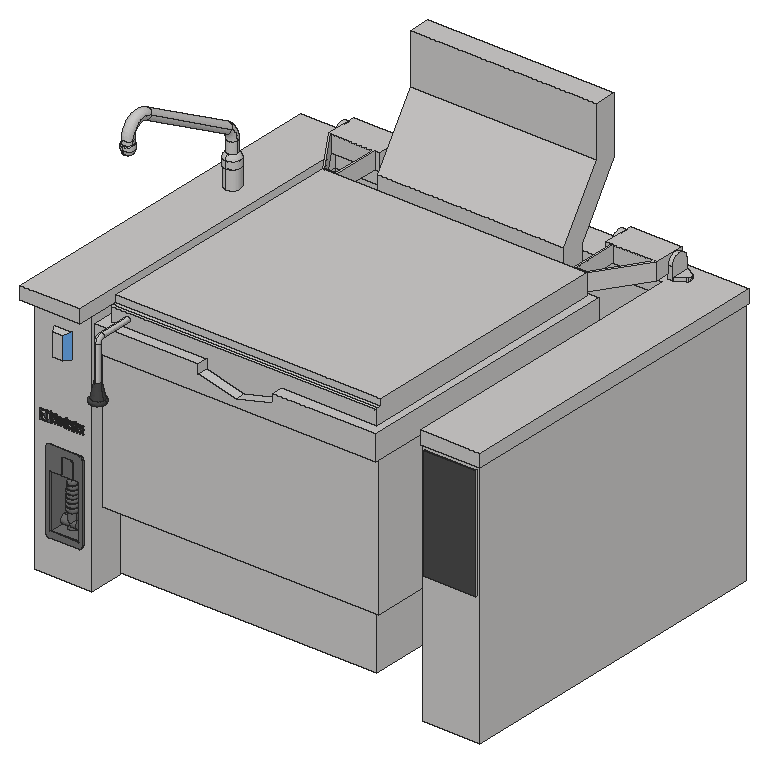
Revit family "QF_ELECTROLUXPROFESSIONAL_586931_PFET09GCCS", category Specialty Equipment, Revit 2018
Family settings
  Round Connector Dimension = Use Radius
  Part Type = Normal
  Work Plane-Based = No
  Always vertical = Yes
  Cut with Voids When Loaded = No
  Shared = Yes
  Room Calculation Point = No
Parameters (values of type "Standard")
  Weight = 240.00 kg
  Watts = 0 W
  Volts = 230 V
  URL Manufacturer = "http://professional.electrolux.com"
  URL = "http://professional.electrolux.com"
  Steam Supply Size = 0"
  Steam Supply Minimum Pressure = 0.00 psi
  Steam Supply Maximum Pressure = 0.00 psi
  Steam Pounds per Hour = 0
  Show Logo [instance] = yes
  Refrigeration Suction Line Size = 0"
  Refrigeration Liquid Line Size = 0"
  Refrigerant Compressor Remote = yes
  Plinth Base Finish [instance] = QF_Finishes_Concrete
  Plinth Base [instance] = not(Base Height = 500.00 mm)  # yes
  Phase = 1
  Model = "PFET09GCCS"
  Manufacturer = "Electrolux Professional"
  Length Actual = 1200.00 mm  # constant formula
  Item Number = "586931"
  Hot Water Size = 1/2"
  Height Actual = 700.00 mm  # constant formula
  HP = "0.3 HP"
  Gas Size = 1"
  Gas KW = 18
  Gas Input Pressure = 0.722756 Btu/h
  Direct Waste Size = 0"
  Description = "GAS TILTING BRAISING PAN,AUTO H/C WATER FILL INLET,SPRAY GUN, 90L,H700,COMPOUND,FS,D900,REAR CLS KIT,GUID.COOK.S"
  Depth Actual = 900.00 mm  # constant formula
  Cycle = 50 Hz
  Condensate Return Size = 0"
  Compressed Air Volume = 0 GPM
  Compressed Air Size = 0"
  Compressed Air Pressure = 0.00 psi
  Cold Water Size = 1/2"
  Bracket [instance] = Base Height = 500.00 mm  # no
  Body Finish [instance] = QF_Finishes_Stainless Steel
  Base Height = 200.00 mm
  Show Clearance [instance] = yes
  Assembly Code = ""
  Accessory = yes
Reference planes
  plane 1 "BACK": y = 0
  plane 2: z = 0
  plane 3 "LEFT": x = 0
  plane 4 "RIGHT": x = 1200
  plane 5 "FRONT": y = -900
  plane 6 "TOP": z = 900
  plane 7: z = 200
  plane 8 "Center": x = 600
  plane 9: y = -450
  plane 10: y = -971
  plane 11: z = 913.881
  plane 12: z = 1865
  plane 13: y = -1014
Forms (mm)
  Extrusion 1, solid, material "QF_Finishes_Stainless Steel" <- "Body Finish"
    sketch origin (0, 0, 900) x (-1, 0, 0) y (0, -1, 0)
      loop
        line (0, 0) -> (0, 941.7) -> (-160, 941.7) -> (-160, 86) -> (-1040, 86) -> (-1040, 900) -> (-1200, 900) -> (-1200, 0) -> (0, 0)
    from 0 to -35
  Extrusion 2, solid, material "QF_Finishes_Stainless Steel" <- "Body Finish"
    sketch origin (0, 0, 0) x (1, 0, 0) y (0, 0, 1)
      loop
        line (157, 865) -> (157, 500) -> (1043, 500) -> (1043, 865) -> (157, 865)
    from 3 to 83
  Extrusion 3, solid, material "QF_Finishes_Stainless Steel" <- "Body Finish"
    sketch origin (0, 0, 0) x (1, 0, 0) y (0, 0, 1)
      loop
        line (230, 454.5) -> (970, 454.5) -> (970, 833) -> (230, 833) -> (230, 454.5)
    from 230 to 951
  Extrusion 4, solid, material "QF_Finishes_Stainless Steel" <- "Body Finish"
    sketch origin (-975.299, -4572, 900) x (-1, 0, 0) y (0, -1, 0)
      loop
        line (-2015.299, -4466) -> (-2015.299, -4549.945) -> (-1878.359, -4549.945) -> (-1878.359, -4466) -> (-1893.192, -4466) -> (-1893.192, -4337) -> (-1929.845, -4337) -> (-2015.299, -4466)
      loop
        line (-1135.299, -4466) -> (-1220.753, -4337) -> (-1257.406, -4337) -> (-1257.406, -4466) -> (-1272.239, -4466) -> (-1272.239, -4549.945) -> (-1135.299, -4549.945) -> (-1135.299, -4466)
      loop
        line (-1253.406, -4466) -> (-1140.097, -4466) -> (-1222.901, -4341) -> (-1253.406, -4341) -> (-1253.406, -4466)
      loop
        line (-1897.192, -4466) -> (-1897.192, -4341) -> (-1927.696, -4341) -> (-2010.501, -4466) -> (-1897.192, -4466)
    from 11 to 56
  Sweep 5, solid, material "QF_Finishes_Stainless Steel" <- "Body Finish"
    path origin (287.976, -51, 0) x (0, 1, 0) y (0, 0, 1)
      loop
        line (-890.7, 920) -> (-978.7, 920)
        arc (-978.7, 920) -> (-987.27, 916.45) -> (-990.819, 907.881) r 12.119
        line (-990.819, 907.881) -> (-990.819, 813.956)
    profile origin (287.976, -985.7, 920) x (0, 0, -1) y (1, 0, 0)
      loop
        circle (0, 0) r 6.119
  Revolve 6, solid, material "QF_Finishes_Black"
    sketch origin (0, -1041.819, 0) x (1, 0, 0) y (0, 0, 1)
      loop
        line (287.976, 764.909) -> (304.041, 764.909)
        arc (304.041, 764.909) -> (309.041, 769.909) -> (304.041, 774.909) r 5
        line (304.041, 774.909) -> (296.452, 813.956) -> (287.976, 813.956) -> (287.976, 764.909)
      axis (287.976, 813.956) -> (287.976, 764.909)
    angle from 0 to 360
  Extrusion 7, void
    sketch origin (0, -820, 0) x (1, 0, 0) y (0, 0, 1)
      loop
        line (500.793, 900) -> (500.793, 876.744) -> (600.793, 851.202) -> (700.793, 876.744) -> (700.793, 900) -> (500.793, 900)
    from 121.7 to 151
  Extrusion 8, solid, material "QF_Finishes_Stainless Steel" <- "Body Finish"
    sketch origin (160, -101, 900) x (0, 1, 0) y (0, 0, -1)
      loop
        line (31, 0) -> (31, -32)
        arc (31, -32) -> (54.973, -55.973) -> (78.945, -32) r 23.973
        line (78.945, -32) -> (78.945, 0) -> (31, 0)
    from 0 to 12.9
  Extrusion 9, solid, material "QF_Finishes_Stainless Steel" <- "Body Finish"
    sketch origin (309.84, -101, 900) x (0, 1, 0) y (0, 0, -1)
      loop
        line (31, 0) -> (31, -32)
        arc (31, -32) -> (54.973, -55.973) -> (78.945, -32) r 23.973
        line (78.945, -32) -> (78.945, 0) -> (31, 0)
    from 0 to 12.9
  Extrusion 10, solid, material "QF_Finishes_Stainless Steel" <- "Body Finish"
    sketch origin (1205.04, -101, 900) x (0, 1, 0) y (0, 0, 1)
      loop
        line (31, 0) -> (78.945, 0) -> (78.945, 32)
        arc (78.945, 32) -> (54.973, 55.973) -> (31, 32) r 23.973
        line (31, 32) -> (31, 0)
    from -165.04 to -152.14
  Extrusion 11, solid, material "QF_Finishes_Stainless Steel" <- "Body Finish"
    sketch origin (1055.2, -101, 900) x (0, 1, 0) y (0, 0, 1)
      loop
        line (31, 0) -> (78.945, 0) -> (78.945, 32)
        arc (78.945, 32) -> (54.973, 55.973) -> (31, 32) r 23.973
        line (31, 32) -> (31, 0)
    from -165.04 to -152.14
  Extrusion 12, solid, material "QF_Finishes_Stainless Steel" <- "Body Finish"
    sketch origin (1043, -897, 0) x (1, 0, 0) y (0, 0, 1)
      loop
        line (7, 553.501) -> (147, 553.501) -> (147, 855) -> (7, 855) -> (7, 553.501)
    from 0 to 5
  Blend 13, solid, material "QF_Finishes_Stainless Steel" <- "Body Finish"
    base sketch origin (157, -897, 0) x (-1, 0, 0) y (0, 0, -1)
      loop
        line (100.5, -805.4) -> (100.5, -738.6) -> (53.5, -738.6) -> (53.5, -805.4) -> (100.5, -805.4)
    top sketch origin (157, -897, 0) x (-1, 0, 0) y (0, 0, -1)
      loop
        line (90.448, -802.617) -> (90.448, -741.383) -> (63.552, -741.383) -> (63.552, -802.617) -> (90.448, -802.617)
    from 0 to 20.065
  Extrusion 14, solid, material "QF_Finishes_Stainless Steel" <- "Body Finish"
    sketch origin (0, 0, 900) x (-1, 0, 0) y (0, -1, 0)
      loop
        line (-863.888, 36.346) -> (-860.354, 39.408) -> (-858.411, 43.662) -> (-858.411, 47.996) -> (-860.354, 52.592) -> (-863.888, 55.654) -> (-890.16, 70) -> (-890.16, 22) -> (-863.888, 36.346)
      loop
        line (-1079.172, 36.346) -> (-1052.9, 22) -> (-1052.9, 70) -> (-1079.172, 55.654) -> (-1082.706, 52.592) -> (-1084.649, 47.996) -> (-1084.649, 43.662) -> (-1082.706, 39.408) -> (-1079.172, 36.346)
      loop
        line (-336.112, 36.346) -> (-309.84, 22) -> (-309.84, 70) -> (-336.112, 55.654) -> (-339.646, 52.592) -> (-341.589, 47.996) -> (-341.589, 43.662) -> (-339.646, 39.408) -> (-336.112, 36.346)
      loop
        line (-120.828, 36.346) -> (-117.294, 39.408) -> (-115.351, 43.662) -> (-115.351, 47.996) -> (-117.294, 52.592) -> (-120.828, 55.654) -> (-147.1, 70) -> (-147.1, 22) -> (-120.828, 36.346)
    from 0 to 8
  Extrusion 15, solid, material "QF_Finishes_Stainless Steel" <- "Body Finish"
    sketch origin (0, 0, 0) x (0, 1, 0) y (0, 0, 1)
      loop
        line (-926.7, 957.5) -> (-926.7, 939.75) -> (-938.664, 939.75)
        arc (-938.664, 939.75) -> (-940.835, 938.566) -> (-941.7, 936.25) r 3.536
        line (-941.7, 936.25) -> (-941.7, 900) -> (-235, 900) -> (-235, 957.5) -> (-926.7, 957.5)
    from 245.454 to 955.493
  Revolve 16, solid, material "QF_Finishes_Stainless Steel" <- "Body Finish"
    sketch origin (-975.299, -4643, 730) x (-1, 0, 0) y (0, -1, 0)
      loop
        line (-1205.299, -4000) -> (-1138.736, -4000) -> (-1138.736, -4030) -> (-1132.299, -4030) -> (-1132.299, -3943) -> (-1205.299, -3943) -> (-1205.299, -4000)
      loop
        line (-1945.299, -4000) -> (-1945.299, -3943) -> (-2018.299, -3943) -> (-2018.299, -4030) -> (-2011.861, -4030) -> (-2011.861, -4000) -> (-1945.299, -4000)
      axis (-1132.299, -3943) -> (-2018.299, -3943)
    angle from 0 to 360
  Extrusion 17, solid, material "QF_Finishes_Stainless Steel" <- "Body Finish", visible <- "Bracket"
    sketch origin (0, 0, -400) x (0, 1, 0) y (0, 0, 1)
      loop
        line (0, 900) -> (-200, 900) -> (-200, 775) -> (-136.36, 711.36) -> (0, 711.36) -> (0, 900)
    from 25.741 to 134.773
  Extrusion 18, solid, material "QF_Finishes_Stainless Steel" <- "Body Finish", visible <- "Bracket"
    sketch origin (1040, 0, -400) x (0, 1, 0) y (0, 0, 1)
      loop
        line (0, 900) -> (-200, 900) -> (-200, 775) -> (-136.36, 711.36) -> (0, 711.36) -> (0, 900)
    from 25.741 to 134.773
  Extrusion 19, solid, material "QF_Finishes_Stainless Steel" <- "Body Finish"
    sketch origin (-975.299, -4572, 900) x (-1, 0, 0) y (0, -1, 0)
      loop
        line (-1199.802, -4347) -> (-1199.802, -3601) -> (-1953.192, -3601) -> (-1953.192, -4347) -> (-1199.802, -4347)
    from -67 to 0
  Extrusion 20, solid, material "QF_Finishes_Clearance", visible <- "Show Clearance", detail levels coarse
    sketch origin (337.94, -101, 900) x (0, 1, 0) y (0, 0, -1)
      loop
        line (-164.365, -965) -> (78.945, -56) -> (-862.055, -56)
        arc (-862.055, -56) -> (-667.525, -628.942) -> (-164.365, -965) r 941
    from -617.553 to 92.486
  Extrusion 21, solid, material "QF_Finishes_Clearance", visible <- "Show Clearance", detail levels coarse
    sketch origin (600, 0, 0) x (0, 1, 0) y (0, 0, 1)
      loop
        line (-951, 450.365) -> (-951, 833) -> (-971, 833) -> (-971, 900)
        arc (-971, 900) -> (-1022.101, 672.465) -> (-951, 450.365) r 444.593
    from -375.497 to 377.893
  Extrusion 22, solid, material "QF_Finishes_Stainless Steel"
    sketch origin (0, 0, 461.36) x (0, 0, 1) y (1, 0, 0)
      loop
        circle (-66.36, 106.204) r 6.35
      loop
        circle (-66.36, 46.204) r 6.35
      loop
        circle (-116.36, 76.112) r 12.7
    from 0 to 5
  Extrusion 23, solid, material "QF_Finishes_Stainless Steel"
    sketch origin (1040, 0, 386.36) x (0, 0, 1) y (1, 0, 0)
      loop
        circle (-66.36, 81.204) r 6.35
    from 0 to 5
  Extrusion 24, solid, material "QF_Finishes_Stainless Steel" <- "Body Finish"
    sketch origin (596.81, 0, 0) x (0, 1, 0) y (0, 0, 1)
      loop
        line (-180, 956) -> (-180, 598) -> (-225, 598) -> (-225, 540) -> (-122, 540) -> (-122, 938.268) -> (-12.644, 1100.395) -> (-12.644, 1254) -> (-70.644, 1254) -> (-70.644, 1118.127) -> (-180, 956)
    from -246.81 to 253.19
  Extrusion 25, solid, material "QF_Finishes_Stainless Steel" <- "Body Finish"
    sketch origin (0, 0, 29.5) x (1, 0, 0) y (0, 0, 1)
      loop
        line (256.991, 425) -> (256.991, 263.5) -> (944.406, 263.5) -> (944.406, 425) -> (256.991, 425)
    from 230 to 925
  Extrusion 26, solid, material "QF_Finishes_Stainless Steel" <- "Body Finish"
    sketch origin (0, -100, 0) x (1, 0, 0) y (0, 1, 0)
      loop
        line (157, 97) -> (3, 97) -> (3, -797) -> (157, -797) -> (157, 97)
      loop
        line (1197, 97) -> (1043, 97) -> (1043, -797) -> (1197, -797) -> (1197, 97)
    from 200 to 865
  Extrusion 27, solid, material "Navy Blue", visible <- "Show Logo"
    sketch origin (160, -897, 0) x (-1, 0, 0) y (0, 0, -1)
      loop
        line (101.332, -593.18) -> (109.793, -593.18) -> (109.793, -583.327)
        arc (109.793, -583.327) -> (108.679, -580.639) -> (105.991, -579.525) r 3.802
        line (105.991, -579.525) -> (101.168, -579.525) -> (101.168, -581.736) -> (105.441, -581.736)
        arc (105.441, -581.736) -> (106.845, -582.21) -> (107.442, -583.566) r 1.838
        line (107.442, -583.566) -> (107.442, -585.52) -> (101.698, -585.52) -> (101.698, -587.738) -> (107.442, -587.738) -> (107.442, -590.968) -> (101.332, -590.968) -> (101.332, -593.18)
      loop
        line (99.498, -593.18) -> (99.498, -579.525) -> (97.146, -579.525) -> (97.146, -593.18) -> (99.498, -593.18)
      loop
        line (48.417, -593.18) -> (48.417, -579.525) -> (46.064, -579.525) -> (46.064, -593.18) -> (48.417, -593.18)
      loop
        line (93.257, -583.886) -> (85.539, -583.886)
        arc (85.539, -583.886) -> (86.746, -588.126) -> (90.874, -589.672) r 4.89
        arc (90.874, -589.672) -> (94.51, -587.828) -> (95.548, -583.886) r 4.976
        arc (95.548, -583.886) -> (94.182, -580.589) -> (90.886, -579.224) r 4.662
        arc (90.886, -579.224) -> (88.32, -579.602) -> (86.169, -581.05) r 5.86
        line (86.169, -581.05) -> (87.562, -582.444)
        arc (87.562, -582.444) -> (89.391, -581.347) -> (91.516, -581.531) r 3.458
        arc (91.516, -581.531) -> (92.812, -582.394) -> (93.257, -583.886) r 2.29
      loop
        line (93.198, -585.539) -> (87.902, -585.539)
        arc (87.902, -585.539) -> (88.645, -587.103) -> (90.278, -587.679) r 2.256
        arc (90.278, -587.679) -> (92.162, -587.188) -> (93.198, -585.539) r 2.64
      loop
        line (76.371, -586.524) -> (74.894, -588)
        arc (74.894, -588) -> (76.746, -589.341) -> (78.997, -589.742) r 5.117
        arc (78.997, -589.742) -> (82.429, -588.487) -> (84.231, -585.308) r 5.293
        arc (84.231, -585.308) -> (81.194, -579.733) -> (74.977, -581.018) r 5.33
        line (74.977, -581.018) -> (76.446, -582.487)
        arc (76.446, -582.487) -> (79.616, -581.438) -> (81.887, -583.886) r 3.088
        arc (81.887, -583.886) -> (81.729, -585.821) -> (80.396, -587.234) r 2.933
        arc (80.396, -587.234) -> (78.264, -587.559) -> (76.371, -586.524) r 3.369
      loop
        line (73.45, -593.18) -> (73.45, -583.849)
        arc (73.45, -583.849) -> (73.246, -582.449) -> (72.722, -581.135) r 6.031
        arc (72.722, -581.135) -> (71.044, -579.8) -> (68.918, -579.519) r 4.018
        line (68.918, -579.519) -> (68.918, -581.723)
        arc (68.918, -581.723) -> (69.55, -581.771) -> (70.139, -582.005) r 2.118
        arc (70.139, -582.005) -> (70.895, -582.804) -> (71.098, -583.886) r 1.949
        line (71.098, -583.886) -> (71.098, -587.265) -> (68.962, -587.265) -> (68.962, -589.401) -> (71.098, -589.401) -> (71.098, -593.18) -> (73.45, -593.18)
      loop
        arc (64.65, -584.717) -> (64.482, -585.701) -> (63.997, -586.574) r 2.967
        arc (63.997, -586.574) -> (62.588, -587.297) -> (61.004, -587.265) r 3.231
        line (61.004, -587.265) -> (61.004, -589.525)
        arc (61.004, -589.525) -> (63.073, -589.33) -> (64.65, -587.977) r 3.432
        line (64.65, -587.977) -> (64.65, -589.401) -> (66.983, -589.401) -> (66.983, -579.525) -> (64.65, -579.525) -> (64.65, -584.717)
      loop
        circle (55.254, -584.461) r 5.233
      loop
        circle (55.254, -584.461) r 3.172
      loop
        arc (37.582, -583.638) -> (38.162, -582.041) -> (39.738, -581.405) r 2.088
        arc (39.738, -581.405) -> (41.313, -582.041) -> (41.894, -583.638) r 2.088
        line (41.894, -583.638) -> (41.894, -589.401) -> (44.266, -589.401) -> (44.266, -583.442)
        arc (44.266, -583.442) -> (42.916, -580.365) -> (39.738, -579.275) r 4.181
        arc (39.738, -579.275) -> (36.524, -580.398) -> (35.211, -583.539) r 4.181
        line (35.211, -583.539) -> (35.211, -589.401) -> (37.582, -589.401) -> (37.582, -583.638)
      loop
        line (33.789, -589.401) -> (30.374, -584.764) -> (34.126, -579.522) -> (31.598, -579.522) -> (29.107, -583.001) -> (26.58, -579.522) -> (24.068, -579.522) -> (27.767, -584.817) -> (24.385, -589.401) -> (26.952, -589.401) -> (29.115, -586.469) -> (31.245, -589.401) -> (33.789, -589.401)
      loop
        line (108.47, -573.865) -> (110.346, -573.865) -> (110.346, -569.143) -> (109.319, -569.143) -> (109.319, -570.769) -> (108.185, -570.769)
        arc (108.185, -570.769) -> (106.916, -572.447) -> (108.47, -573.865) r 1.561
      loop
        arc (108.23, -571.697) -> (107.841, -572.304) -> (108.23, -572.911) r 0.668
        line (108.23, -572.911) -> (109.319, -572.911) -> (109.319, -571.697) -> (108.23, -571.697)
      loop
        line (101.061, -573.865) -> (102.968, -573.865) -> (102.968, -569.143) -> (101.942, -569.143) -> (101.942, -570.769) -> (100.949, -570.769) -> (100.27, -569.143) -> (99.168, -569.143) -> (100.097, -571.134)
        arc (100.097, -571.134) -> (99.652, -571.665) -> (99.502, -572.343) r 1.458
        arc (99.502, -572.343) -> (99.971, -573.421) -> (101.061, -573.865) r 1.559
      loop
        line (101.942, -572.911) -> (101.942, -571.697) -> (100.852, -571.697)
        arc (100.852, -571.697) -> (100.464, -572.304) -> (100.852, -572.911) r 0.668
        line (100.852, -572.911) -> (101.942, -572.911)
      loop
        circle (93.139, -571.504) r 2.453
      loop
        circle (93.139, -571.504) r 1.557
      loop
        line (86.655, -573.865) -> (86.655, -569.143) -> (85.654, -569.143) -> (85.654, -570.793) -> (83.876, -570.793) -> (83.876, -571.851) -> (85.654, -571.851) -> (85.654, -572.847) -> (83.706, -572.847) -> (83.706, -573.865) -> (86.655, -573.865)
      loop
        line (79.724, -573.865) -> (79.724, -570.677)
        arc (79.724, -570.677) -> (79.288, -569.596) -> (78.213, -569.146) r 1.51
        line (78.213, -569.146) -> (76.689, -569.146) -> (76.689, -570.038) -> (78.122, -570.038)
        arc (78.122, -570.038) -> (78.65, -570.475) -> (78.753, -571.151) r 0.961
        line (78.753, -571.151) -> (76.866, -571.151) -> (76.866, -572.043) -> (78.753, -572.043) -> (78.753, -572.973) -> (76.735, -572.973) -> (76.735, -573.865) -> (79.724, -573.865)
      loop
        arc (62.624, -573.267) -> (63.249, -573.78) -> (64.041, -573.943) r 1.69
        arc (64.041, -573.943) -> (64.773, -573.764) -> (65.374, -573.31) r 1.872
        arc (65.374, -573.31) -> (65.486, -572.238) -> (64.794, -571.411) r 1.385
        arc (64.794, -571.411) -> (64.212, -571.217) -> (63.66, -570.95) r 4.78
        arc (63.66, -570.95) -> (63.312, -570.539) -> (63.552, -570.057) r 0.489
        arc (63.552, -570.057) -> (63.998, -569.952) -> (64.442, -570.065) r 0.963
        arc (64.442, -570.065) -> (64.826, -570.341) -> (65.061, -570.752) r 1.118
        line (65.061, -570.752) -> (65.887, -570.367)
        arc (65.887, -570.367) -> (65.589, -569.793) -> (65.11, -569.36) r 1.815
        arc (65.11, -569.36) -> (64.566, -569.127) -> (63.978, -569.068) r 1.957
        arc (63.978, -569.068) -> (63.25, -569.213) -> (62.595, -569.561) r 2.556
        arc (62.595, -569.561) -> (62.305, -570.331) -> (62.455, -571.139) r 1.535
        arc (62.455, -571.139) -> (62.778, -571.512) -> (63.19, -571.781) r 1.779
        arc (63.19, -571.781) -> (63.712, -572.014) -> (64.248, -572.215) r 9.371
        arc (64.248, -572.215) -> (64.557, -572.696) -> (64.11, -573.053) r 0.427
        arc (64.11, -573.053) -> (63.575, -572.924) -> (63.163, -572.558) r 1.135
        line (63.163, -572.558) -> (62.624, -573.267)
      loop
        line (58.291, -573.865) -> (58.291, -569.146) -> (57.321, -569.146) -> (57.321, -573.865) -> (58.291, -573.865)
      loop
        circle (50.779, -571.506) r 1.468
      loop
        circle (50.779, -571.506) r 2.451
      loop
        line (44.27, -569.146) -> (43.289, -569.146) -> (43.289, -572.113) -> (41.131, -569.146) -> (40.187, -569.146) -> (40.187, -573.865) -> (41.168, -573.865) -> (41.168, -570.808) -> (43.326, -573.865) -> (44.27, -573.865) -> (44.27, -569.146)
      loop
        line (35.295, -569.146) -> (34.836, -570.164) -> (33.09, -570.164) -> (32.631, -569.146) -> (31.588, -569.146) -> (33.581, -573.865) -> (34.491, -573.865) -> (36.337, -569.146) -> (35.295, -569.146)
      loop
        line (33.526, -571.132) -> (33.993, -572.169) -> (34.447, -571.132) -> (33.526, -571.132)
      loop
        line (26.769, -570.038) -> (26.769, -573.865) -> (27.739, -573.865) -> (27.739, -569.146) -> (24.954, -569.146) -> (24.954, -570.038) -> (26.769, -570.038)
      loop
        arc (69.698, -573.267) -> (70.324, -573.78) -> (71.116, -573.943) r 1.69
        arc (71.116, -573.943) -> (71.847, -573.764) -> (72.449, -573.31) r 1.872
        arc (72.449, -573.31) -> (72.56, -572.238) -> (71.868, -571.411) r 1.385
        arc (71.868, -571.411) -> (71.287, -571.217) -> (70.735, -570.95) r 4.78
        arc (70.735, -570.95) -> (70.386, -570.539) -> (70.627, -570.057) r 0.489
        arc (70.627, -570.057) -> (71.073, -569.952) -> (71.517, -570.065) r 0.963
        arc (71.517, -570.065) -> (71.901, -570.341) -> (72.136, -570.752) r 1.118
        line (72.136, -570.752) -> (72.961, -570.367)
        arc (72.961, -570.367) -> (72.664, -569.793) -> (72.184, -569.36) r 1.815
        arc (72.184, -569.36) -> (71.64, -569.127) -> (71.052, -569.068) r 1.957
        arc (71.052, -569.068) -> (70.325, -569.213) -> (69.669, -569.561) r 2.556
        arc (69.669, -569.561) -> (69.38, -570.331) -> (69.529, -571.139) r 1.535
        arc (69.529, -571.139) -> (69.852, -571.512) -> (70.265, -571.781) r 1.779
        arc (70.265, -571.781) -> (70.787, -572.014) -> (71.322, -572.215) r 9.371
        arc (71.322, -572.215) -> (71.632, -572.696) -> (71.185, -573.053) r 0.427
        arc (71.185, -573.053) -> (70.649, -572.924) -> (70.238, -572.558) r 1.135
        line (70.238, -572.558) -> (69.698, -573.267)
      loop
        line (124.467, -593.367) -> (124.467, -568.534)
        arc (124.467, -568.534) -> (115.287, -580.95) -> (124.467, -593.367) r 12.987
      loop
        arc (125.423, -593.446) -> (135.891, -591.227) -> (141.022, -581.837) r 12.809
        line (141.022, -581.837) -> (135.422, -581.837)
        arc (135.422, -581.837) -> (128.84, -585.012) -> (125.423, -591.472) r 11.707
        line (125.423, -591.472) -> (125.423, -593.446)
      loop
        arc (125.73, -570.332) -> (129.585, -577.251) -> (136.925, -580.23) r 11.93
        line (136.925, -580.23) -> (141.033, -580.23)
        arc (141.033, -580.23) -> (136.066, -570.804) -> (125.73, -568.215) r 13.06
        line (125.73, -568.215) -> (125.73, -570.332)
      loop
        line (141.976, -594.722) -> (141.976, -567.122) -> (114.339, -567.122) -> (114.339, -594.722) -> (141.976, -594.722)
    from 0 to 0.697
  Extrusion 28, void
    sketch origin (0, -900, 0) x (1, 0, 0) y (0, 0, 1)
      loop
        line (125.4, 500.944) -> (43.4, 500.944) -> (43.4, 305.944) -> (125.4, 305.944) -> (125.4, 500.944)
    from 0 to -63
Cuts and joins
  Extrusion 7 cuts Extrusion 19
  joined: Extrusion 3, Extrusion 15, Extrusion 19
  Extrusion 28 cuts Extrusion 26
Lines and regions (mm)
  Split face 1
    outline origin (1043, -902, 0) x (1, 0, 0) y (0, 0, 1)
      loop
        line (7.625, 638.501) -> (7.625, 554.126) -> (146.375, 554.126) -> (146.375, 638.501) -> (7.625, 638.501)
  Split face 2
    outline origin (1043, -902, 0) x (1, 0, 0) y (0, 0, 1)
      loop
        line (21.373, 638.501) -> (132.623, 638.501) -> (132.623, 843.501) -> (21.373, 843.501) -> (21.373, 638.501)
  symbolic lines
    curve 1: line (1200, 0, 900) -> (0, 0, 900)
    curve 2: line (1200, -900, 900) -> (1200, 0, 900)
    curve 3: line (1040, -900, 900) -> (1200, -900, 900)
    curve 4: line (1040, -106, 900) -> (1040, -900, 900)
    curve 5: line (0, 0, 900) -> (0, -900, 900)
    curve 6: line (160, -900, 900) -> (160, -106, 900)
    curve 7: line (0, -900, 900) -> (160, -900, 900)
    curve 8: line (296.94, -86, 900) -> (350, -86, 900)
    curve 9: line (224.503, -225, 900) -> (238.83, -225, 900)
    curve 10: line (977.893, -225, 900) -> (961.17, -225, 900)
    curve 11: line (977.893, -225, 900) -> (977.893, -971, 900)
    curve 12: line (224.503, -225, 900) -> (224.503, -971, 900)
    curve 13: line (1040, -572, 900) -> (977.893, -572, 900)
    curve 14: line (1040, -686, 900) -> (977.893, -686, 900)
    curve 15: line (160, -572, 900) -> (224.503, -572, 900)
    curve 16: line (160, -686, 900) -> (224.503, -686, 900)
    curve 24: line (282.107, -225, 900) -> (917.893, -225, 900)
    curve 25: line (243.628, -225, 900) -> (278.107, -225, 900)
    curve 26: line (921.893, -225, 900) -> (956.372, -225, 900)
    curve 27: arc (281.885, -1021.446, 900) -> (288.429, -1063.635, 900) -> (294.019, -1021.309, 900) r 21.565
    curve 28: line (850, -86, 900) -> (903.06, -86, 900)
  symbolic lines, style "QF-Clearances", visible <- "Show Clearance", detail levels coarse
    curve 17: line (350, -550, 900) -> (850, -550, 900)
    curve 18: line (350, -1801, 900) -> (350, -550, 900)
    curve 19: line (850, -1801, 900) -> (350, -1801, 900)
    curve 20: line (850, -550, 900) -> (850, -1801, 900)
    curve 21: line (350, -1201, 900) -> (550, -1801, 900)
    curve 22: line (850, -1201, 900) -> (650, -1801, 900)
    curve 23: circle (600, -1751, 900) r 25 normal (0, 0, 1)
Dimensions and locks
  plane 3 "LEFT" to plane 4 "RIGHT" = 1200.00 mm
  plane 4 "RIGHT" to plane 3 "LEFT" = 1200.00 mm
  plane 1 "BACK" to plane 5 "FRONT" = 900.00 mm
  plane 5 "FRONT" to plane 1 "BACK" = 900.00 mm
  plane 6 "TOP" to level = 900.00 mm
  "Base Height": plane 7 to level
  equal spacing: plane 5 "FRONT", plane 9, plane 1 "BACK"
  equal spacing: plane 3 "LEFT", plane 8 "Center", plane 4 "RIGHT"
  plane 10 to plane 1 "BACK" = 971.00 mm
  plane 6 "TOP" to Extrusion 3 sketch curve to Extrusion 3 sketch curve = 67.00 mm locked, 378.50 mm locked
  plane 6 "TOP" to Extrusion 12 sketch curve to Extrusion 12 sketch curve = 45.00 mm locked, 301.499 mm locked
  plane 6 "TOP" to Extrusion 17 sketch curve to Extrusion 17 sketch curve to Extrusion 17 sketch curve = 400.00 mm locked, 125.00 mm locked, 63.64 mm locked
  plane 6 "TOP" to Extrusion 18 sketch curve to Extrusion 18 sketch curve to Extrusion 18 sketch curve = 400.00 mm locked, 125.00 mm locked, 63.64 mm locked
  locked: cut or joined group of Extrusion 3, Extrusion 7, Extrusion 15, Extrusion 19 to plane 4 "RIGHT" at 244.507
  Extrusion 18 to Extrusion 18 to plane 4 "RIGHT" = 109.032 mm locked, 25.227 mm locked
  Extrusion 7 sketch curve to plane 8 "Center" to Extrusion 7 sketch curve = 100.793 mm locked, 99.207 mm locked
  plane 5 "FRONT" to Extrusion 15 sketch curve to Extrusion 15 sketch curve to Extrusion 15 sketch curve = 26.70 mm locked, 11.964 mm locked, 3.036 mm locked
  locked: Extrusion 19 sketch curve to plane 5 "FRONT" at 71
  cut or joined group of Extrusion 3, Extrusion 7, Extrusion 15, Extrusion 19 to cut or joined group of Extrusion 3, Extrusion 7, Extrusion 15, Extrusion 19 to cut or joined group of Extrusion 3, Extrusion 7, Extrusion 15, Extrusion 19 = 0.00 mm, 29.30 mm
  plane 5 "FRONT" to Sweep 5 sketch curve to Sweep 5 sketch curve to Sweep 5 sketch curve = 41.70 mm, 88.00 mm, 12.119 mm locked
  locked: plane 5 "FRONT" to Revolve 6 at 141.819
  plane 6 "TOP" to Extrusion 2 sketch curve to Extrusion 2 sketch curve = 35.00 mm locked, 365.00 mm locked
  plane 12 to plane 6 "TOP" = 965.00 mm
  locked: Extrusion 21 to plane 4 "RIGHT" at 222.107
  Extrusion 21 sketch curve to Extrusion 21 sketch curve to Extrusion 21 sketch curve to cut or joined group of Extrusion 3, Extrusion 7, Extrusion 15, Extrusion 19 = 51.54 mm locked, 20.00 mm locked, 9.30 mm locked
  Extrusion 21 sketch curve to Extrusion 21 sketch curve to Extrusion 21 sketch curve = 67.00 mm locked, 382.635 mm locked
  plane 1 "BACK" to plane 13 = 1014.00 mm
  plane 1 "BACK" to plane 10 = 971.00 mm
  Extrusion 22 sketch curve to Extrusion 22 sketch curve to plane 6 "TOP" = 50.00 mm locked, 505.00 mm locked
  plane 6 "TOP" to Extrusion 25 sketch curve to Extrusion 25 sketch curve = 445.50 mm locked, 161.50 mm locked
  aligned and locked: level to plane 2
  aligned: plane 6 "TOP" to Extrusion 1
  aligned and locked: plane 6 "TOP" to Extrusion 1
  aligned and locked: Revolve 16 to cut or joined group of Extrusion 3, Extrusion 7, Extrusion 15, Extrusion 19
  aligned and locked: cut or joined group of Extrusion 3, Extrusion 7, Extrusion 15, Extrusion 19 to Revolve 16
  aligned: plane 5 "FRONT" to cut or joined group of Extrusion 3, Extrusion 7, Extrusion 15, Extrusion 19
  aligned: cut or joined group of Extrusion 3, Extrusion 7, Extrusion 15, Extrusion 19 to Sweep 5 sketch curve
  aligned: cut or joined group of Extrusion 3, Extrusion 7, Extrusion 15, Extrusion 19 to plane 10
  aligned: Sweep 5 to cut or joined group of Extrusion 3, Extrusion 7, Extrusion 15, Extrusion 19
  aligned: Extrusion 19 to Extrusion 7
  aligned: Extrusion 2 to cut or joined group of Extrusion 3, Extrusion 7, Extrusion 15, Extrusion 19
  aligned and locked: Extrusion 20 to cut or joined group of Extrusion 3, Extrusion 7, Extrusion 15, Extrusion 19  (x2)
  aligned and locked: cut or joined group of Extrusion 3, Extrusion 7, Extrusion 15, Extrusion 19 to Extrusion 21
  aligned and locked: curve 12 to cut or joined group of Extrusion 3, Extrusion 7, Extrusion 15, Extrusion 19
  aligned and locked: Extrusion 1 to curve 6
Automatic sketch dimensions
  plane 1 "BACK" to Extrusion 1 sketch curve = 0.00 mm
  Extrusion 1 sketch curve to plane 4 "RIGHT" = 0.00 mm
  plane 5 "FRONT" to Extrusion 1 sketch curve = 0.00 mm
  Extrusion 1 sketch curve to plane 3 "LEFT" = 0.00 mm
  Extrusion 1 sketch curve to plane 4 "RIGHT" = 160.00 mm
  plane 3 "LEFT" to Extrusion 1 sketch curve = 160.00 mm
  plane 1 "BACK" to Extrusion 1 sketch curve = 86.00 mm
  plane 10 to Extrusion 1 sketch curve = 29.30 mm
  plane 3 "LEFT" to Extrusion 2 sketch curve = 157.00 mm
  Extrusion 2 sketch curve to plane 4 "RIGHT" = 157.00 mm
  plane 3 "LEFT" to Extrusion 3 sketch curve = 230.00 mm
  Extrusion 3 sketch curve to plane 4 "RIGHT" = 230.00 mm
  Extrusion 4 sketch curve to plane 4 "RIGHT" = 160.00 mm
  Extrusion 4 sketch curve to Extrusion 4 sketch curve = 4.798 mm  (x2)
  Extrusion 4 sketch curve to Extrusion 4 sketch curve = 80.656 mm
  Extrusion 4 sketch curve to Extrusion 4 sketch curve = 2.148 mm  (x2)
  Extrusion 4 sketch curve to Extrusion 4 sketch curve = 30.505 mm  (x2)
  Extrusion 4 sketch curve to Extrusion 4 sketch curve = 4.00 mm  (x4)
  Extrusion 4 sketch curve to Extrusion 4 sketch curve = 14.833 mm  (x2)
  plane 1 "BACK" to Extrusion 4 sketch curve = 22.055 mm  (x2)
  plane 3 "LEFT" to Extrusion 4 sketch curve = 296.94 mm
  Extrusion 4 sketch curve to Extrusion 4 sketch curve = 113.309 mm
  Extrusion 4 sketch curve to Extrusion 4 sketch curve = 83.945 mm  (x4)
  Extrusion 4 sketch curve to Extrusion 4 sketch curve = 0.00 mm  (x2)
  Extrusion 4 sketch curve to Extrusion 4 sketch curve = 125.00 mm  (x2)
  plane 6 "TOP" to Sweep 5 sketch curve = 7.881 mm
  Sweep 5 sketch curve to plane 6 "TOP" = 86.044 mm
  Sweep 5 sketch curve to profile plane = 0.00 mm  (x2)
  Revolve 6 sketch curve to plane 6 "TOP" = 135.091 mm
  plane 3 "LEFT" to Revolve 6 sketch curve = 287.976 mm
  Revolve 6 sketch curve to plane 6 "TOP" = 86.044 mm
  Revolve 6 sketch curve to Revolve 6 sketch curve = 8.475 mm
  Revolve 6 sketch curve to Revolve 6 sketch curve = 16.065 mm
  Revolve 6 sketch curve to Revolve 6 sketch curve = 5.00 mm
  Revolve 6 sketch curve to Revolve 6 sketch curve = 0.00 mm
  Revolve 6 sketch curve to Revolve 6 sketch curve = 19.523 mm
  Revolve 6 sketch curve to Revolve 6 sketch curve = 6.381 mm
  plane 8 "Center" to Extrusion 7 sketch curve = 0.793 mm
  Extrusion 7 sketch curve to plane 6 "TOP" = 48.798 mm
  Extrusion 7 sketch curve to plane 6 "TOP" = 23.256 mm  (x2)
  plane 6 "TOP" to Extrusion 7 sketch curve = 0.00 mm
  Extrusion 8 sketch curve to plane 6 "TOP" = 0.00 mm
  plane 1 "BACK" to Extrusion 8 sketch curve = 70.00 mm
  Extrusion 8 sketch curve to Extrusion 8 sketch curve = 23.973 mm
  plane 6 "TOP" to Extrusion 8 sketch curve = 32.00 mm
  Extrusion 9 sketch curve to plane 6 "TOP" = 0.00 mm
  plane 1 "BACK" to Extrusion 9 sketch curve = 70.00 mm
  Extrusion 9 sketch curve to Extrusion 9 sketch curve = 23.973 mm
  plane 6 "TOP" to Extrusion 9 sketch curve = 32.00 mm
  Extrusion 10 sketch curve to plane 6 "TOP" = 0.00 mm
  plane 1 "BACK" to Extrusion 10 sketch curve = 70.00 mm
  Extrusion 10 sketch curve to Extrusion 10 sketch curve = 23.973 mm
  Extrusion 10 sketch curve to Extrusion 10 sketch curve = 32.00 mm
  Extrusion 11 sketch curve to plane 6 "TOP" = 0.00 mm
  plane 1 "BACK" to Extrusion 11 sketch curve = 70.00 mm
  Extrusion 11 sketch curve to Extrusion 11 sketch curve = 23.973 mm
  Extrusion 11 sketch curve to Extrusion 11 sketch curve = 32.00 mm
  Extrusion 12 sketch curve to plane 4 "RIGHT" = 150.00 mm
  Extrusion 12 sketch curve to plane 4 "RIGHT" = 10.00 mm
  plane 3 "LEFT" to Blend 13 sketch curve = 103.50 mm
  Blend 13 sketch curve to Blend 13 sketch curve = 47.00 mm
  Blend 13 sketch curve to plane 6 "TOP" = 94.60 mm
  Blend 13 sketch curve to Blend 13 sketch curve = 66.80 mm
  plane 3 "LEFT" to Blend 13 sketch curve = 93.448 mm
  Blend 13 sketch curve to Blend 13 sketch curve = 26.896 mm
  Blend 13 sketch curve to plane 6 "TOP" = 97.383 mm
  Blend 13 sketch curve to Blend 13 sketch curve = 61.233 mm
  plane 1 "BACK" to Extrusion 14 sketch curve = 47.996 mm  (x2)
  Extrusion 14 sketch curve to plane 4 "RIGHT" = 115.351 mm
  plane 1 "BACK" to Extrusion 14 sketch curve = 52.592 mm  (x4)
  Extrusion 14 sketch curve to Extrusion 14 sketch curve = 1.943 mm  (x6)
  plane 1 "BACK" to Extrusion 14 sketch curve = 39.408 mm  (x4)
  plane 1 "BACK" to Extrusion 14 sketch curve = 55.654 mm  (x4)
  Extrusion 14 sketch curve to Extrusion 14 sketch curve = 3.534 mm  (x8)
  plane 1 "BACK" to Extrusion 14 sketch curve = 36.346 mm  (x4)
  Extrusion 14 sketch curve to Extrusion 14 sketch curve = 26.272 mm  (x4)
  plane 1 "BACK" to Extrusion 14 sketch curve = 70.00 mm
  Extrusion 14 sketch curve to Extrusion 14 sketch curve = 162.74 mm
  Extrusion 14 sketch curve to Extrusion 14 sketch curve = 0.00 mm  (x2)
  Extrusion 14 sketch curve to plane 8 "Center" = 258.411 mm
  plane 1 "BACK" to Extrusion 14 sketch curve = 22.00 mm  (x4)
  plane 3 "LEFT" to Extrusion 14 sketch curve = 147.10 mm
  plane 1 "BACK" to Extrusion 14 sketch curve = 43.662 mm
  Extrusion 14 sketch curve to Extrusion 14 sketch curve = 4.334 mm  (x4)
  Extrusion 14 sketch curve to Extrusion 14 sketch curve = 4.254 mm
  Extrusion 14 sketch curve to Extrusion 14 sketch curve = 14.346 mm  (x3)
  Extrusion 15 sketch curve to plane 6 "TOP" = 0.00 mm
  Extrusion 15 sketch curve to Extrusion 15 sketch curve = 3.536 mm
  plane 9 to Extrusion 15 sketch curve = 215.00 mm
  Extrusion 15 sketch curve to Extrusion 15 sketch curve = 36.25 mm
  Extrusion 15 sketch curve to Extrusion 15 sketch curve = 57.50 mm
  Revolve 16 sketch curve to plane 4 "RIGHT" = 157.00 mm
  Revolve 16 sketch curve to Revolve 16 sketch curve = 6.437 mm  (x2)
  Revolve 16 sketch curve to Revolve 16 sketch curve = 66.563 mm  (x2)
  plane 3 "LEFT" to Revolve 16 sketch curve = 230.00 mm
  Revolve 16 sketch curve to plane 9 = 163.00 mm  (x2)
  Revolve 16 sketch curve to Revolve 16 sketch curve = 30.00 mm  (x2)
  Revolve 16 sketch curve to Revolve 16 sketch curve = 57.00 mm  (x2)
  Revolve 16 sketch curve to Revolve 16 sketch curve = 5.497 mm  (x2)
  Revolve 16 sketch curve to Revolve 16 sketch curve = 0.00 mm
  Split face 1 sketch curve to Extrusion 12 = 0.625 mm  (x3)
  Split face 1 sketch curve to Split face 1 sketch curve = 84.375 mm
  Split face 2 sketch curve to Extrusion 12 = 14.373 mm
  Split face 2 sketch curve to Extrusion 12 = 14.377 mm
  Split face 2 sketch curve to Extrusion 12 = 85.00 mm
  Split face 2 sketch curve to Extrusion 12 = 11.499 mm
  Extrusion 17 sketch curve to plane 1 "BACK" = 0.00 mm
  plane 1 "BACK" to Extrusion 17 sketch curve = 136.36 mm
  Extrusion 17 sketch curve to Extrusion 17 sketch curve = 63.64 mm
  Extrusion 18 sketch curve to plane 1 "BACK" = 0.00 mm
  plane 1 "BACK" to Extrusion 18 sketch curve = 136.36 mm
  Extrusion 18 sketch curve to Extrusion 18 sketch curve = 63.64 mm
  Extrusion 19 sketch curve to plane 4 "RIGHT" = 222.107 mm
  plane 3 "LEFT" to Extrusion 19 sketch curve = 224.503 mm
  plane 1 "BACK" to Extrusion 19 sketch curve = 225.00 mm
  Extrusion 20 sketch curve to plane 12 = 0.00 mm
  plane 10 to Extrusion 20 sketch curve = 7.945 mm
  plane 9 to Extrusion 20 sketch curve = 184.635 mm
  plane 1 "BACK" to Extrusion 20 sketch curve = 22.055 mm
  Extrusion 20 sketch curve to Extrusion 20 sketch curve = 0.00 mm
  Extrusion 21 sketch curve to plane 6 "TOP" = 0.00 mm
  plane 1 "BACK" to curve 1 = 0.00 mm
  curve 1 to plane 4 "RIGHT" = 0.00 mm
  plane 5 "FRONT" to curve 4 = 0.00 mm
  curve 11 to plane 10 = 0.00 mm
  curve 5 to plane 3 "LEFT" = 0.00 mm
  plane 5 "FRONT" to curve 7 = 0.00 mm
  curve 12 to plane 10 = 0.00 mm
  curve 4 to plane 4 "RIGHT" = 160.00 mm
  curve 4 to curve 11 = 62.107 mm
  plane 13 to curve 27 = 28.071 mm
  curve 27 to curve 12 = 63.683 mm
  plane 1 "BACK" to curve 9 = 225.00 mm
  plane 1 "BACK" to curve 10 = 225.00 mm
  curve 10 to curve 10 = 16.723 mm
  curve 10 to curve 26 = 4.798 mm
  curve 26 to curve 26 = 34.479 mm
  curve 26 to curve 24 = 4.00 mm
  curve 4 to curve 28 = 136.94 mm
  curve 28 to curve 28 = 53.06 mm
  plane 1 "BACK" to curve 8 = 86.00 mm
  curve 8 to curve 9 = 125.497 mm
  curve 8 to curve 8 = 53.06 mm
  plane 13 to curve 27 = 7.309 mm
  curve 27 to curve 27 = 5.834 mm
  curve 24 to curve 9 = 57.604 mm
  plane 13 to curve 27 = 7.446 mm
  curve 24 to curve 25 = 4.00 mm
  curve 25 to curve 9 = 19.125 mm
  curve 25 to curve 9 = 4.798 mm
  plane 1 "BACK" to curve 28 = 86.00 mm
  plane 1 "BACK" to curve 6 = 106.00 mm
  plane 1 "BACK" to curve 4 = 106.00 mm
  curve 9 to curve 25 = 0.00 mm
  curve 24 to curve 10 = 0.00 mm
  curve 24 to curve 26 = 0.00 mm
  curve 15 to plane 9 = 122.00 mm
  curve 13 to plane 9 = 122.00 mm
  curve 13 to curve 14 = 114.00 mm
  curve 15 to curve 16 = 114.00 mm
  Extrusion 17 to Extrusion 22 sketch curve = 28.569 mm
  Extrusion 22 sketch curve to Extrusion 22 sketch curve = 50.00 mm
  Extrusion 17 to Extrusion 22 sketch curve = 50.37 mm
  Extrusion 17 to Extrusion 22 sketch curve = 20.463 mm
  Extrusion 18 to Extrusion 23 sketch curve = 8.64 mm
  Extrusion 18 to Extrusion 23 sketch curve = 53.569 mm
  curve 23 to plane 8 "Center" = 0.00 mm
  curve 20 to plane 9 = 100.00 mm
  plane 8 "Center" to curve 20 = 250.00 mm
  curve 18 to plane 8 "Center" = 250.00 mm
  plane 13 to curve 23 = 737.00 mm
  curve 23 to curve 18 = 50.00 mm
  plane 8 "Center" to curve 22 = 50.00 mm
  curve 21 to plane 8 "Center" = 50.00 mm
  plane 13 to curve 22 = 187.00 mm
  plane 13 to curve 21 = 187.00 mm
  plane 1 "BACK" to Extrusion 24 sketch curve = 225.00 mm
  Extrusion 24 sketch curve to Extrusion 24 sketch curve = 45.00 mm
  Extrusion 24 sketch curve to Extrusion 24 sketch curve = 58.00 mm  (x2)
  plane 1 "BACK" to Extrusion 24 sketch curve = 70.644 mm
  plane 1 "BACK" to Extrusion 24 sketch curve = 12.644 mm
  plane 7 to Extrusion 24 sketch curve = 340.00 mm
  plane 6 "TOP" to Extrusion 24 sketch curve = 38.268 mm
  plane 6 "TOP" to Extrusion 24 sketch curve = 56.00 mm
  Extrusion 24 sketch curve to Extrusion 24 sketch curve = 162.127 mm
  Extrusion 24 sketch curve to Extrusion 24 sketch curve = 17.732 mm
  Extrusion 24 sketch curve to Extrusion 24 sketch curve = 135.873 mm
  plane 3 "LEFT" to Extrusion 25 sketch curve = 256.991 mm
  Extrusion 25 sketch curve to plane 4 "RIGHT" = 255.594 mm
  plane 3 "LEFT" to Extrusion 26 sketch curve = 3.00 mm
  plane 1 "BACK" to Extrusion 26 sketch curve = 3.00 mm  (x2)
  Extrusion 26 sketch curve to Extrusion 26 sketch curve = 154.00 mm
  Extrusion 26 sketch curve to plane 4 "RIGHT" = 157.00 mm
  Extrusion 26 sketch curve to plane 4 "RIGHT" = 3.00 mm
  Extrusion 26 sketch curve to plane 5 "FRONT" = 3.00 mm  (x2)
  Extrusion 27 sketch curve to Extrusion 27 sketch curve = 0.00 mm  (x33)
  plane 3 "LEFT" to Extrusion 27 sketch curve = 135.932 mm
  Extrusion 27 sketch curve to Extrusion 27 sketch curve = 0.317 mm
  Extrusion 27 sketch curve to Extrusion 27 sketch curve = 0.886 mm
  Extrusion 27 sketch curve to Extrusion 27 sketch curve = 2.512 mm
  Extrusion 27 sketch curve to Extrusion 27 sketch curve = 1.815 mm
  Extrusion 27 sketch curve to Extrusion 27 sketch curve = 2.567 mm
  Extrusion 27 sketch curve to Extrusion 27 sketch curve = 0.97 mm  (x3)
  Extrusion 27 sketch curve to Extrusion 27 sketch curve = 0.815 mm  (x2)
  Extrusion 27 sketch curve to Extrusion 27 sketch curve = 1.341 mm
  Extrusion 27 sketch curve to Extrusion 27 sketch curve = 1.348 mm
  Extrusion 27 sketch curve to Extrusion 27 sketch curve = 1.259 mm
  Extrusion 27 sketch curve to Extrusion 27 sketch curve = 2.13 mm
  Extrusion 27 sketch curve to Extrusion 27 sketch curve = 3.849 mm
  Extrusion 27 sketch curve to Extrusion 27 sketch curve = 2.49 mm
  Extrusion 27 sketch curve to Extrusion 27 sketch curve = 1.043 mm
  Extrusion 27 sketch curve to Extrusion 27 sketch curve = 0.46 mm  (x2)
  Extrusion 27 sketch curve to Extrusion 27 sketch curve = 0.435 mm
  Extrusion 27 sketch curve to Extrusion 27 sketch curve = 0.055 mm  (x2)
  Extrusion 27 sketch curve to Extrusion 27 sketch curve = 2.544 mm
  Extrusion 27 sketch curve to Extrusion 27 sketch curve = 0.468 mm
  Extrusion 27 sketch curve to Extrusion 27 sketch curve = 2.528 mm
  Extrusion 27 sketch curve to Extrusion 27 sketch curve = 0.922 mm
  Extrusion 27 sketch curve to Extrusion 27 sketch curve = 0.91 mm
  Extrusion 27 sketch curve to Extrusion 27 sketch curve = 0.388 mm
  Extrusion 27 sketch curve to Extrusion 27 sketch curve = 1.422 mm
  Extrusion 27 sketch curve to Extrusion 27 sketch curve = 1.042 mm
  Extrusion 27 sketch curve to Extrusion 27 sketch curve = 2.371 mm
  Extrusion 27 sketch curve to Extrusion 27 sketch curve = 1.809 mm  (x2)
  Extrusion 27 sketch curve to Extrusion 27 sketch curve = 0.273 mm  (x2)
  Extrusion 27 sketch curve to Extrusion 27 sketch curve = 0.147 mm
  Extrusion 27 sketch curve to Extrusion 27 sketch curve = 5.696 mm
  Extrusion 27 sketch curve to Extrusion 27 sketch curve = 0.943 mm
  Extrusion 27 sketch curve to Extrusion 27 sketch curve = 0.037 mm  (x3)
  Extrusion 27 sketch curve to Extrusion 27 sketch curve = 2.122 mm
  Extrusion 27 sketch curve to Extrusion 27 sketch curve = 2.372 mm
  Extrusion 27 sketch curve to Extrusion 27 sketch curve = 0.944 mm
  Extrusion 27 sketch curve to Extrusion 27 sketch curve = 1.799 mm
  Extrusion 27 sketch curve to Extrusion 27 sketch curve = 2.353 mm
  Extrusion 27 sketch curve to Extrusion 27 sketch curve = 6.509 mm
  Extrusion 27 sketch curve to Extrusion 27 sketch curve = 6.836 mm
  Extrusion 27 sketch curve to Extrusion 27 sketch curve = 2.068 mm
  Extrusion 27 sketch curve to Extrusion 27 sketch curve = 5.751 mm
  Extrusion 27 sketch curve to Extrusion 27 sketch curve = 0.679 mm
  Extrusion 27 sketch curve to Extrusion 27 sketch curve = 0.728 mm
  Extrusion 27 sketch curve to Extrusion 27 sketch curve = 0.178 mm
  Extrusion 27 sketch curve to Extrusion 27 sketch curve = 4.332 mm
  Extrusion 27 sketch curve to Extrusion 27 sketch curve = 0.539 mm  (x2)
  Extrusion 27 sketch curve to Extrusion 27 sketch curve = 0.634 mm  (x2)
  Extrusion 27 sketch curve to Extrusion 27 sketch curve = 0.036 mm  (x2)
  Extrusion 27 sketch curve to Extrusion 27 sketch curve = 0.114 mm  (x2)
  Extrusion 27 sketch curve to Extrusion 27 sketch curve = 0.807 mm  (x2)
  Extrusion 27 sketch curve to Extrusion 27 sketch curve = 0.007 mm  (x2)
  Extrusion 27 sketch curve to Extrusion 27 sketch curve = 0.156 mm  (x2)
  Extrusion 27 sketch curve to Extrusion 27 sketch curve = 0.005 mm  (x2)
  Extrusion 27 sketch curve to Extrusion 27 sketch curve = 0.083 mm  (x2)
  Extrusion 27 sketch curve to Extrusion 27 sketch curve = 0.13 mm  (x3)
  Extrusion 27 sketch curve to Extrusion 27 sketch curve = 0.009 mm  (x2)
  Extrusion 27 sketch curve to Extrusion 27 sketch curve = 0.159 mm  (x2)
  Extrusion 27 sketch curve to Extrusion 27 sketch curve = 0.075 mm  (x2)
  Extrusion 27 sketch curve to Extrusion 27 sketch curve = 0.025 mm  (x2)
  Extrusion 27 sketch curve to Extrusion 27 sketch curve = 2.918 mm
  Extrusion 27 sketch curve to Extrusion 27 sketch curve = 2.789 mm
  Extrusion 27 sketch curve to Extrusion 27 sketch curve = 0.908 mm  (x2)
  Extrusion 27 sketch curve to Extrusion 27 sketch curve = 0.826 mm  (x2)
  Extrusion 27 sketch curve to Extrusion 27 sketch curve = 0.126 mm  (x2)
  Extrusion 27 sketch curve to Extrusion 27 sketch curve = 2.333 mm
  Extrusion 27 sketch curve to Extrusion 27 sketch curve = 1.257 mm  (x2)
  Extrusion 27 sketch curve to Extrusion 27 sketch curve = 2.771 mm
  Extrusion 27 sketch curve to Extrusion 27 sketch curve = 1.497 mm
  Extrusion 27 sketch curve to Extrusion 27 sketch curve = 1.979 mm
  Extrusion 27 sketch curve to Extrusion 27 sketch curve = 1.653 mm
  Extrusion 27 sketch curve to Extrusion 27 sketch curve = 0.085 mm
  Extrusion 27 sketch curve to Extrusion 27 sketch curve = 0.315 mm
  Extrusion 27 sketch curve to Extrusion 27 sketch curve = 3.811 mm
  Extrusion 27 sketch curve to Extrusion 27 sketch curve = 2.136 mm  (x2)
  Extrusion 27 sketch curve to Extrusion 27 sketch curve = 2.352 mm  (x2)
  Extrusion 27 sketch curve to Extrusion 27 sketch curve = 3.797 mm
  Extrusion 27 sketch curve to Extrusion 27 sketch curve = 1.528 mm
  Extrusion 27 sketch curve to Extrusion 27 sketch curve = 1.476 mm  (x2)
  Extrusion 27 sketch curve to Extrusion 27 sketch curve = 1.469 mm  (x2)
  Extrusion 27 sketch curve to Extrusion 27 sketch curve = 3.728 mm
  Extrusion 27 sketch curve to Extrusion 27 sketch curve = 0.046 mm
  Extrusion 27 sketch curve to Extrusion 27 sketch curve = 0.177 mm
  Extrusion 27 sketch curve to Extrusion 27 sketch curve = 0.947 mm
  Extrusion 27 sketch curve to Extrusion 27 sketch curve = 0.308 mm
  Extrusion 27 sketch curve to Extrusion 27 sketch curve = 0.091 mm
  Extrusion 27 sketch curve to Extrusion 27 sketch curve = 2.375 mm
  Extrusion 27 sketch curve to Extrusion 27 sketch curve = 0.94 mm
  Extrusion 27 sketch curve to Extrusion 27 sketch curve = 0.54 mm
  Extrusion 27 sketch curve to Extrusion 27 sketch curve = 0.102 mm
  Extrusion 27 sketch curve to Extrusion 27 sketch curve = 0.002 mm  (x4)
  Extrusion 27 sketch curve to Extrusion 27 sketch curve = 0.105 mm
  Extrusion 27 sketch curve to Extrusion 27 sketch curve = 0.097 mm
  Extrusion 27 sketch curve to Extrusion 27 sketch curve = 3.982 mm
  Extrusion 27 sketch curve to Extrusion 27 sketch curve = 0.17 mm
  Extrusion 27 sketch curve to Extrusion 27 sketch curve = 6.49 mm
  Extrusion 27 sketch curve to Extrusion 27 sketch curve = 1.777 mm
  Extrusion 27 sketch curve to Extrusion 27 sketch curve = 0.63 mm
  Extrusion 27 sketch curve to Extrusion 27 sketch curve = 1.001 mm
  Extrusion 27 sketch curve to Extrusion 27 sketch curve = 1.393 mm  (x2)
  Extrusion 27 sketch curve to Extrusion 27 sketch curve = 2.363 mm
  Extrusion 27 sketch curve to Extrusion 27 sketch curve = 2.253 mm
  Extrusion 27 sketch curve to Extrusion 27 sketch curve = 0.014 mm  (x3)
  Extrusion 27 sketch curve to Extrusion 27 sketch curve = 0.172 mm
  Extrusion 27 sketch curve to Extrusion 27 sketch curve = 0.096 mm
  Extrusion 27 sketch curve to Extrusion 27 sketch curve = 0.164 mm
  Extrusion 27 sketch curve to Extrusion 27 sketch curve = 0.298 mm
  Extrusion 27 sketch curve to Extrusion 27 sketch curve = 0.247 mm
  Extrusion 27 sketch curve to Extrusion 27 sketch curve = 0.084 mm
  Extrusion 27 sketch curve to Extrusion 27 sketch curve = 6.484 mm
  Extrusion 27 sketch curve to Extrusion 27 sketch curve = 2.596 mm
  Extrusion 27 sketch curve to Extrusion 27 sketch curve = 0.059 mm  (x2)
  Extrusion 27 sketch curve to Extrusion 27 sketch curve = 3.889 mm
  Extrusion 27 sketch curve to Extrusion 27 sketch curve = 6.029 mm
  Extrusion 27 sketch curve to Extrusion 27 sketch curve = 0.929 mm
  Extrusion 27 sketch curve to Extrusion 27 sketch curve = 1.102 mm
  Extrusion 27 sketch curve to Extrusion 27 sketch curve = 0.756 mm  (x2)
  Extrusion 27 sketch curve to Extrusion 27 sketch curve = 0.852 mm
  Extrusion 27 sketch curve to Extrusion 27 sketch curve = 0.108 mm
  Extrusion 27 sketch curve to Extrusion 27 sketch curve = 0.101 mm
  Extrusion 27 sketch curve to Extrusion 27 sketch curve = 0.072 mm
  Extrusion 27 sketch curve to Extrusion 27 sketch curve = 1.67 mm
  Extrusion 27 sketch curve to Extrusion 27 sketch curve = 1.834 mm
  Extrusion 27 sketch curve to Extrusion 27 sketch curve = 0.366 mm
  Extrusion 27 sketch curve to Extrusion 27 sketch curve = 0.993 mm
  Extrusion 27 sketch curve to Extrusion 27 sketch curve = 0.81 mm
  Extrusion 27 sketch curve to Extrusion 27 sketch curve = 1.026 mm  (x2)
  Extrusion 27 sketch curve to Extrusion 27 sketch curve = 4.272 mm
  Extrusion 27 sketch curve to Extrusion 27 sketch curve = 0.163 mm
  Extrusion 27 sketch curve to Extrusion 27 sketch curve = 0.551 mm
  Extrusion 27 sketch curve to Extrusion 27 sketch curve = 6.11 mm
  Extrusion 27 sketch curve to Extrusion 27 sketch curve = 1.451 mm
  Extrusion 27 sketch curve to Extrusion 27 sketch curve = 5.217 mm
  Extrusion 27 sketch curve to Extrusion 27 sketch curve = 0.045 mm  (x2)
  Extrusion 27 sketch curve to Extrusion 27 sketch curve = 0.241 mm
  Extrusion 27 sketch curve to Extrusion 27 sketch curve = 0.039 mm
  Extrusion 27 sketch curve to Extrusion 27 sketch curve = 1.134 mm
  Extrusion 27 sketch curve to Extrusion 27 sketch curve = 2.351 mm
  Extrusion 27 sketch curve to Extrusion 27 sketch curve = 3.993 mm
  Extrusion 27 sketch curve to Extrusion 27 sketch curve = 10.128 mm
  Extrusion 27 sketch curve to Extrusion 27 sketch curve = 0.956 mm
  Extrusion 27 sketch curve to Extrusion 27 sketch curve = 1.263 mm
  Extrusion 27 sketch curve to Extrusion 27 sketch curve = 2.577 mm
  Extrusion 27 sketch curve to Extrusion 27 sketch curve = 0.243 mm
  Extrusion 27 sketch curve to Extrusion 27 sketch curve = 0.031 mm
  Extrusion 27 sketch curve to Extrusion 27 sketch curve = 7.148 mm
  Extrusion 27 sketch curve to Extrusion 27 sketch curve = 1.502 mm
  Extrusion 27 sketch curve to Extrusion 27 sketch curve = 11.54 mm
  Extrusion 27 sketch curve to Extrusion 27 sketch curve = 11.758 mm
  Extrusion 27 sketch curve to Extrusion 27 sketch curve = 4.097 mm
  Extrusion 27 sketch curve to Extrusion 27 sketch curve = 0.011 mm
  Extrusion 27 sketch curve to Extrusion 27 sketch curve = 4.488 mm
  Extrusion 27 sketch curve to plane 6 "TOP" = 305.278 mm
  Extrusion 27 sketch curve to Extrusion 27 sketch curve = 1.276 mm
  Extrusion 27 sketch curve to Extrusion 27 sketch curve = 1.279 mm
  Extrusion 27 sketch curve to Extrusion 27 sketch curve = 0.08 mm
  Extrusion 27 sketch curve to Extrusion 27 sketch curve = 1.542 mm  (x3)
  Extrusion 27 sketch curve to Extrusion 27 sketch curve = 1.975 mm
  Extrusion 27 sketch curve to Extrusion 27 sketch curve = 2.212 mm
  Extrusion 27 sketch curve to Extrusion 27 sketch curve = 3.655 mm
  Extrusion 27 sketch curve to Extrusion 27 sketch curve = 3.779 mm
  Extrusion 27 sketch curve to Extrusion 27 sketch curve = 0.124 mm  (x2)
  Extrusion 27 sketch curve to Extrusion 27 sketch curve = 3.78 mm  (x2)
  Extrusion 27 sketch curve to Extrusion 27 sketch curve = 1.401 mm
  Extrusion 27 sketch curve to Extrusion 27 sketch curve = 1.424 mm
  Extrusion 27 sketch curve to Extrusion 27 sketch curve = 3.23 mm
  Extrusion 27 sketch curve to Extrusion 27 sketch curve = 2.137 mm
  Extrusion 27 sketch curve to Extrusion 27 sketch curve = 1.094 mm
  Extrusion 27 sketch curve to Extrusion 27 sketch curve = 2.932 mm
  Extrusion 27 sketch curve to Extrusion 27 sketch curve = 7.641 mm
  Extrusion 27 sketch curve to Extrusion 27 sketch curve = 2.218 mm
  Extrusion 27 sketch curve to Extrusion 27 sketch curve = 0.113 mm
  Extrusion 27 sketch curve to Extrusion 27 sketch curve = 0.36 mm
  Extrusion 27 sketch curve to Extrusion 27 sketch curve = 0.008 mm
  Extrusion 27 sketch curve to Extrusion 27 sketch curve = 1.652 mm
  Extrusion 27 sketch curve to Extrusion 27 sketch curve = 0.256 mm
  Extrusion 27 sketch curve to Extrusion 27 sketch curve = 1.705 mm
  Extrusion 27 sketch curve to Extrusion 27 sketch curve = 1.454 mm
  Extrusion 27 sketch curve to Extrusion 27 sketch curve = 0.095 mm
  Extrusion 27 sketch curve to Extrusion 27 sketch curve = 0.109 mm
  Extrusion 27 sketch curve to Extrusion 27 sketch curve = 1.893 mm
  Extrusion 27 sketch curve to Extrusion 27 sketch curve = 0.003 mm
  Extrusion 27 sketch curve to Extrusion 27 sketch curve = 2.803 mm
  Extrusion 27 sketch curve to Extrusion 27 sketch curve = 0.12 mm  (x3)
  Extrusion 27 sketch curve to Extrusion 27 sketch curve = 0.02 mm
  Extrusion 27 sketch curve to Extrusion 27 sketch curve = 0.188 mm
  Extrusion 27 sketch curve to Extrusion 27 sketch curve = 0.568 mm
  Extrusion 27 sketch curve to Extrusion 27 sketch curve = 0.707 mm
  Extrusion 27 sketch curve to Extrusion 27 sketch curve = 1.654 mm
  Extrusion 27 sketch curve to Extrusion 27 sketch curve = 3.379 mm
  Extrusion 27 sketch curve to Extrusion 27 sketch curve = 0.174 mm
  Extrusion 27 sketch curve to Extrusion 27 sketch curve = 0.146 mm  (x2)
  Extrusion 27 sketch curve to Extrusion 27 sketch curve = 5.763 mm
  Extrusion 27 sketch curve to Extrusion 27 sketch curve = 1.953 mm
  Extrusion 27 sketch curve to Extrusion 27 sketch curve = 0.099 mm
  Extrusion 27 sketch curve to Extrusion 27 sketch curve = 0.19 mm
  Extrusion 27 sketch curve to Extrusion 27 sketch curve = 0.196 mm
  Extrusion 27 sketch curve to Extrusion 27 sketch curve = 0.05 mm
  Extrusion 27 sketch curve to Extrusion 27 sketch curve = 0.239 mm
  Extrusion 27 sketch curve to Extrusion 27 sketch curve = 1.763 mm
  Extrusion 27 sketch curve to Extrusion 27 sketch curve = 1.754 mm
  Extrusion 27 sketch curve to Extrusion 27 sketch curve = 1.442 mm
  Extrusion 27 sketch curve to Extrusion 27 sketch curve = 0.282 mm
  Extrusion 27 sketch curve to Extrusion 27 sketch curve = 1.607 mm
  Extrusion 27 sketch curve to Extrusion 27 sketch curve = 2.197 mm
  Extrusion 27 sketch curve to Extrusion 27 sketch curve = 3.917 mm
  Extrusion 27 sketch curve to Extrusion 27 sketch curve = 3.479 mm
  Extrusion 27 sketch curve to Extrusion 27 sketch curve = 4.017 mm
  Extrusion 27 sketch curve to Extrusion 27 sketch curve = 0.006 mm
  Extrusion 27 sketch curve to Extrusion 27 sketch curve = 5.661 mm  (x3)
  Extrusion 27 sketch curve to Extrusion 27 sketch curve = 5.657 mm  (x2)
  Extrusion 27 sketch curve to Extrusion 27 sketch curve = 7.186 mm
  Extrusion 27 sketch curve to Extrusion 27 sketch curve = 0.598 mm
  Extrusion 27 sketch curve to Extrusion 27 sketch curve = 6.253 mm
  Extrusion 27 sketch curve to Extrusion 27 sketch curve = 0.891 mm
  Extrusion 27 sketch curve to Extrusion 27 sketch curve = 0.954 mm  (x2)
  Extrusion 27 sketch curve to Extrusion 27 sketch curve = 1.017 mm
  Extrusion 27 sketch curve to Extrusion 27 sketch curve = 0.624 mm  (x2)
  Extrusion 27 sketch curve to Extrusion 27 sketch curve = 0.016 mm  (x2)
